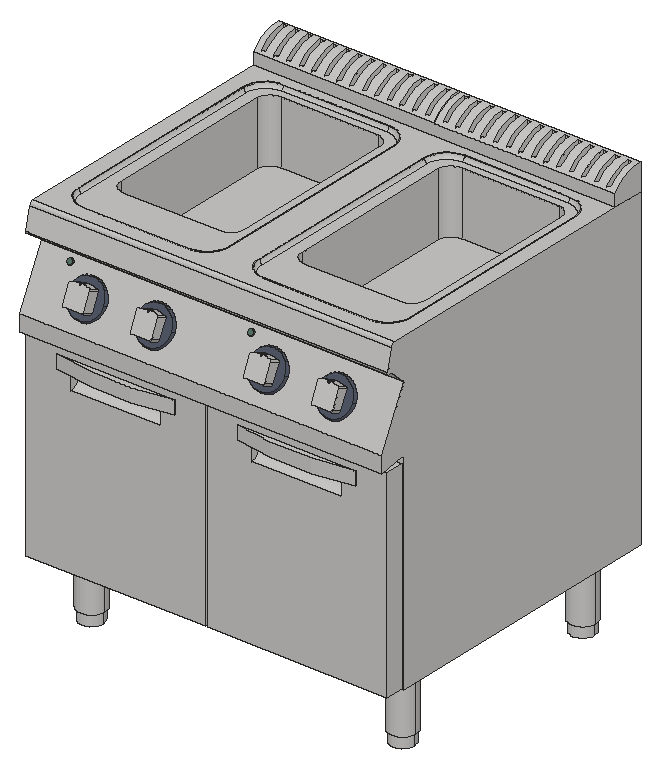
Revit family "QF_ZANUSSI_372353_Z7OOBDBAME", category Specialty Equipment, Revit 2018
Family settings
  Round Connector Dimension = Use Diameter
  Part Type = Normal
  Work Plane-Based = No
  Always vertical = Yes
  Cut with Voids When Loaded = No
  Shared = No
  Room Calculation Point = No
Parameters (values of type "Standard")
  Weight = 50.00 kg
  Watts = 0 W
  Volts = 380 V
  URL Manufacturer = "http://www.zanussiprofessional.com"
  URL = "http://www.zanussiprofessional.com"
  Steam Supply Size = 0"
  Steam Supply Minimum Pressure = 0.00 psi
  Steam Supply Maximum Pressure = 0.00 psi
  Steam Pounds per Hour = 0
  Show Logo [instance] = yes
  Show Clearance [instance] = yes
  Refrigeration Suction Line Size = 0"
  Refrigeration Liquid Line Size = 0"
  Refrigerant Compressor Remote = yes
  Phase = 3
  Model = "Z7OOBDBAME"
  Manufacturer = "Zanussi"
  Length Actual = 800 mm  # constant formula
  Item Number = "372353"
  Hot Water Size = 0"
  Height Actual = 850 mm  # constant formula
  HP = "16.1 HP"
  Gas Size = 0"
  Gas KW = 0
  Gas Input Pressure = 0.0 Btu/h
  Direct Waste Size = 1"
  Description = "2-WELL EL. PASTA COOKER 2X24,5 LT 800MM (AUS)"
  Depth Actual = 700 mm  # constant formula
  Cycle = 60 Hz
  Condensate Return Size = 0"
  Compressed Air Volume = 0 GPM
  Compressed Air Size = 0"
  Compressed Air Pressure = 0.00 psi
  Cold Water Size = 1/2"
  Accessory = yes
Reference planes
  plane 1 "BACK": y = 0
  plane 2: z = 0
  plane 3 "LEFT": x = 0
  plane 4 "RIGHT": x = 800
  plane 5 "FRONT": y = -715
  plane 6 "TOP": z = 908.238
  plane 7 "Center Y": x = 400
  plane 8 "Center X": y = -357.5
  plane 9 "BASE": z = 600.237
  plane 10 "TOP A": z = 850.238
  plane 11: y = -597.884
  plane 12: y = -147.637
  plane 13: z = 942.313
  plane 14: z = 150
Forms (mm)
  Extrusion 1, solid, material "QF_Finishes_Stainless Steel"
    sketch origin (0, 0, 0) x (0, 1, 0) y (0, 0, 1)
      loop
        line (0, 850.238) -> (-679.358, 850.238)
        arc (-679.358, 850.238) -> (-684.643, 848.048) -> (-686.833, 842.763) r 7.474
        line (-686.833, 842.763) -> (-699.884, 797.248)
        arc (-699.884, 797.248) -> (-699.396, 794.616) -> (-697, 793.421) r 3
        line (-697, 793.421) -> (-686.802, 793.421) -> (-654.982, 761.602) -> (-715, 640.746) -> (-715, 605.746) -> (-658.645, 613.666)
        arc (-658.645, 613.666) -> (-656.101, 612.912) -> (-655, 610.497) r 3.2
        line (-655, 610.497) -> (-655, 150.238) -> (0, 150.238) -> (0, 850.238)
      loop
        line (-700, 600.238) -> (-700, 155.238) -> (-660, 155.238) -> (-660, 600.238) -> (-700, 600.238)
    from 0 to 800
  Extrusion 2, solid, material "QF_Finishes_Stainless Steel"
    sketch origin (0, 0, 0) x (0, 1, 0) y (0, 0, 1)
      loop
        line (0, 850.237) -> (0, 908.237)
        arc (0, 908.237) -> (-38.715, 900.058) -> (-69.85, 875.637) r 87.358
        line (-69.85, 875.637) -> (-69.85, 850.237) -> (0, 850.237)
    from 0 to 800
  Extrusion 3, void
    sketch origin (0, 0, 850.238) x (-1, 0, 0) y (0, -1, 0)
      loop
        arc (-316.662, 645.265) -> (-352.018, 630.62) -> (-366.662, 595.265) r 50
        line (-366.662, 595.265) -> (-366.662, 140.124)
        arc (-366.662, 140.124) -> (-352.018, 104.769) -> (-316.662, 90.124) r 50
        line (-316.662, 90.124) -> (-83.338, 90.124)
        arc (-83.338, 90.124) -> (-47.982, 104.769) -> (-33.338, 140.124) r 50
        line (-33.338, 140.124) -> (-33.338, 595.265)
        arc (-33.338, 595.265) -> (-47.982, 630.62) -> (-83.338, 645.265) r 50
        line (-83.338, 645.265) -> (-316.662, 645.265)
      loop
        line (-483.337, 645.265) -> (-716.662, 645.265)
        arc (-716.662, 645.265) -> (-752.018, 630.62) -> (-766.662, 595.265) r 50
        line (-766.662, 595.265) -> (-766.662, 140.124)
        arc (-766.662, 140.124) -> (-752.018, 104.769) -> (-716.662, 90.124) r 50
        line (-716.662, 90.124) -> (-483.337, 90.124)
        arc (-483.337, 90.124) -> (-447.982, 104.769) -> (-433.337, 140.124) r 50
        line (-433.337, 140.124) -> (-433.337, 595.265)
        arc (-433.337, 595.265) -> (-447.982, 630.62) -> (-483.337, 645.265) r 50
    from 0 to -152.4
  Extrusion 4, void
    sketch origin (0, 0, 850.238) x (-1, 0, 0) y (0, -1, 0)
      loop
        line (-13.453, 6.761) -> (-13.453, 63.911) -> (-22.749, 63.911) -> (-22.749, 6.761) -> (-13.453, 6.761)
    from 25.4 to 63.5
  Extrusion 5, solid, material "QF_Finishes_Clearance", visible <- "Show Clearance", detail levels coarse
    sketch origin (0, 0, 0) x (1, 0, 0) y (0, 1, 0)
      loop
        line (0, -715) -> (0, 0) -> (800, 0) -> (800, -715) -> (950.019, -715) -> (950.019, 150.019) -> (-150.019, 150.019) -> (-150.019, -715) -> (0, -715)
    from 0 to 908.237
  Extrusion 6, void
    sketch origin (361.95, 0, 850.237) x (-1, 0, 0) y (0, -1, 0)
      loop
        line (-13.403, 6.761) -> (-13.403, 63.911) -> (-22.699, 63.911) -> (-22.699, 6.761) -> (-13.403, 6.761)
    from 25.4 to 63.5
  Extrusion 7, void
    sketch origin (27.842, 0, 850.238) x (-1, 0, 0) y (0, -1, 0)
      loop
        line (-13.453, 6.761) -> (-13.453, 63.911) -> (-22.749, 63.911) -> (-22.749, 6.761) -> (-13.453, 6.761)
    from 25.4 to 63.5
  Extrusion 8, void
    sketch origin (55.685, 0, 850.238) x (-1, 0, 0) y (0, -1, 0)
      loop
        line (-13.453, 6.761) -> (-13.453, 63.911) -> (-22.749, 63.911) -> (-22.749, 6.761) -> (-13.453, 6.761)
    from 25.4 to 63.5
  Extrusion 9, void
    sketch origin (83.527, 0, 850.238) x (-1, 0, 0) y (0, -1, 0)
      loop
        line (-13.453, 6.761) -> (-13.453, 63.911) -> (-22.749, 63.911) -> (-22.749, 6.761) -> (-13.453, 6.761)
    from 25.4 to 63.5
  Extrusion 10, void
    sketch origin (111.369, 0, 850.237) x (-1, 0, 0) y (0, -1, 0)
      loop
        line (-13.453, 6.761) -> (-13.453, 63.911) -> (-22.749, 63.911) -> (-22.749, 6.761) -> (-13.453, 6.761)
    from 25.4 to 63.5
  Extrusion 11, void
    sketch origin (139.212, 0, 850.237) x (-1, 0, 0) y (0, -1, 0)
      loop
        line (-13.453, 6.761) -> (-13.453, 63.911) -> (-22.749, 63.911) -> (-22.749, 6.761) -> (-13.453, 6.761)
    from 25.4 to 63.5
  Extrusion 12, void
    sketch origin (167.054, 0, 850.237) x (-1, 0, 0) y (0, -1, 0)
      loop
        line (-13.453, 6.761) -> (-13.453, 63.911) -> (-22.749, 63.911) -> (-22.749, 6.761) -> (-13.453, 6.761)
    from 25.4 to 63.5
  Extrusion 13, void
    sketch origin (194.896, 0, 850.237) x (-1, 0, 0) y (0, -1, 0)
      loop
        line (-13.403, 6.761) -> (-13.403, 63.911) -> (-22.699, 63.911) -> (-22.699, 6.761) -> (-13.403, 6.761)
    from 25.4 to 63.5
  Extrusion 14, void
    sketch origin (222.738, 0, 850.237) x (-1, 0, 0) y (0, -1, 0)
      loop
        line (-13.403, 6.761) -> (-13.403, 63.911) -> (-22.699, 63.911) -> (-22.699, 6.761) -> (-13.403, 6.761)
    from 25.4 to 63.5
  Extrusion 15, void
    sketch origin (250.581, 0, 850.237) x (-1, 0, 0) y (0, -1, 0)
      loop
        line (-13.403, 6.761) -> (-13.403, 63.911) -> (-22.699, 63.911) -> (-22.699, 6.761) -> (-13.403, 6.761)
    from 25.4 to 63.5
  Extrusion 16, void
    sketch origin (278.423, 0, 850.237) x (-1, 0, 0) y (0, -1, 0)
      loop
        line (-13.403, 6.761) -> (-13.403, 63.911) -> (-22.699, 63.911) -> (-22.699, 6.761) -> (-13.403, 6.761)
    from 25.4 to 63.5
  Extrusion 17, void
    sketch origin (306.265, 0, 850.237) x (-1, 0, 0) y (0, -1, 0)
      loop
        line (-13.403, 6.761) -> (-13.403, 63.911) -> (-22.699, 63.911) -> (-22.699, 6.761) -> (-13.403, 6.761)
    from 25.4 to 63.5
  Extrusion 18, void
    sketch origin (334.108, 0, 850.237) x (-1, 0, 0) y (0, -1, 0)
      loop
        line (-13.403, 6.761) -> (-13.403, 63.911) -> (-22.699, 63.911) -> (-22.699, 6.761) -> (-13.403, 6.761)
    from 25.4 to 63.5
  Extrusion 19, void
    sketch origin (800.1, 0, 850.237) x (1, 0, 0) y (0, 1, 0)
      loop
        line (-13.553, -6.761) -> (-22.849, -6.761) -> (-22.849, -63.911) -> (-13.553, -63.911) -> (-13.553, -6.761)
    from 25.4 to 63.5
  Extrusion 20, void
    sketch origin (438.15, 0, 850.237) x (1, 0, 0) y (0, 1, 0)
      loop
        line (-13.503, -6.761) -> (-22.799, -6.761) -> (-22.799, -63.911) -> (-13.503, -63.911) -> (-13.503, -6.761)
    from 25.4 to 63.5
  Extrusion 21, void
    sketch origin (772.258, 0, 850.237) x (1, 0, 0) y (0, 1, 0)
      loop
        line (-13.553, -6.761) -> (-22.849, -6.761) -> (-22.849, -63.911) -> (-13.553, -63.911) -> (-13.553, -6.761)
    from 25.4 to 63.5
  Extrusion 22, void
    sketch origin (744.415, 0, 850.237) x (1, 0, 0) y (0, 1, 0)
      loop
        line (-13.553, -6.761) -> (-22.849, -6.761) -> (-22.849, -63.911) -> (-13.553, -63.911) -> (-13.553, -6.761)
    from 25.4 to 63.5
  Extrusion 23, void
    sketch origin (716.573, 0, 850.237) x (1, 0, 0) y (0, 1, 0)
      loop
        line (-13.553, -6.761) -> (-22.849, -6.761) -> (-22.849, -63.911) -> (-13.553, -63.911) -> (-13.553, -6.761)
    from 25.4 to 63.5
  Extrusion 24, void
    sketch origin (688.731, 0, 850.237) x (1, 0, 0) y (0, 1, 0)
      loop
        line (-13.553, -6.761) -> (-22.849, -6.761) -> (-22.849, -63.911) -> (-13.553, -63.911) -> (-13.553, -6.761)
    from 25.4 to 63.5
  Extrusion 25, void
    sketch origin (660.888, 0, 850.237) x (1, 0, 0) y (0, 1, 0)
      loop
        line (-13.553, -6.761) -> (-22.849, -6.761) -> (-22.849, -63.911) -> (-13.553, -63.911) -> (-13.553, -6.761)
    from 25.4 to 63.5
  Extrusion 26, void
    sketch origin (633.046, 0, 850.237) x (1, 0, 0) y (0, 1, 0)
      loop
        line (-13.553, -6.761) -> (-22.849, -6.761) -> (-22.849, -63.911) -> (-13.553, -63.911) -> (-13.553, -6.761)
    from 25.4 to 63.5
  Extrusion 27, void
    sketch origin (605.204, 0, 850.237) x (1, 0, 0) y (0, 1, 0)
      loop
        line (-13.503, -6.761) -> (-22.799, -6.761) -> (-22.799, -63.911) -> (-13.503, -63.911) -> (-13.503, -6.761)
    from 25.4 to 63.5
  Extrusion 28, void
    sketch origin (577.362, 0, 850.237) x (1, 0, 0) y (0, 1, 0)
      loop
        line (-13.503, -6.761) -> (-22.799, -6.761) -> (-22.799, -63.911) -> (-13.503, -63.911) -> (-13.503, -6.761)
    from 25.4 to 63.5
  Extrusion 29, void
    sketch origin (549.519, 0, 850.237) x (1, 0, 0) y (0, 1, 0)
      loop
        line (-13.503, -6.761) -> (-22.799, -6.761) -> (-22.799, -63.911) -> (-13.503, -63.911) -> (-13.503, -6.761)
    from 25.4 to 63.5
  Extrusion 30, void
    sketch origin (521.677, 0, 850.237) x (1, 0, 0) y (0, 1, 0)
      loop
        line (-13.503, -6.761) -> (-22.799, -6.761) -> (-22.799, -63.911) -> (-13.503, -63.911) -> (-13.503, -6.761)
    from 25.4 to 63.5
  Extrusion 31, void
    sketch origin (493.835, 0, 850.237) x (1, 0, 0) y (0, 1, 0)
      loop
        line (-13.503, -6.761) -> (-22.799, -6.761) -> (-22.799, -63.911) -> (-13.503, -63.911) -> (-13.503, -6.761)
    from 25.4 to 63.5
  Extrusion 32, void
    sketch origin (465.992, 0, 850.237) x (1, 0, 0) y (0, 1, 0)
      loop
        line (-13.503, -6.761) -> (-22.799, -6.761) -> (-22.799, -63.911) -> (-13.503, -63.911) -> (-13.503, -6.761)
    from 25.4 to 63.5
  Extrusion 33, void
    sketch origin (418.151, 0, 850.237) x (1, 0, 0) y (0, 1, 0)
      loop
        line (-16.563, 0) -> (-19.738, 0) -> (-19.738, -69.85) -> (-16.563, -69.85) -> (-16.563, 0)
    from 25.4 to 63.5
  Revolve 34, solid, material "QF_Finishes_Stainless Steel"
    sketch origin (0, -587.387, 608.09) x (0, 0, 1) y (-1, 0, 0)
      loop
        line (-608.09, -56) -> (-458.09, -56) -> (-458.09, -26) -> (-583.09, -26) -> (-583.09, -29.75) -> (-608.09, -29.75) -> (-608.09, -56)
      axis (-608.09, -56) -> (-458.09, -56)
    angle from 0 to 360
  Revolve 35, solid, material "QF_Finishes_Stainless Steel"
    sketch origin (0, -90, 608.09) x (0, 0, 1) y (-1, 0, 0)
      loop
        line (-608.09, -56) -> (-458.09, -56) -> (-458.09, -26) -> (-583.09, -26) -> (-583.09, -29.75) -> (-608.09, -29.75) -> (-608.09, -56)
      axis (-608.09, -56) -> (-458.09, -56)
    angle from 0 to 360
  Revolve 36, solid, material "QF_Finishes_Stainless Steel"
    sketch origin (800.1, -587.387, 608.09) x (0, 0, 1) y (-1, 0, 0)
      loop
        line (-608.09, 56.1) -> (-608.09, 29.85) -> (-583.09, 29.85) -> (-583.09, 26.1) -> (-458.09, 26.1) -> (-458.09, 56.1) -> (-608.09, 56.1)
      axis (-608.09, 56.1) -> (-458.09, 56.1)
    angle from 0 to 360
  Revolve 37, solid, material "QF_Finishes_Stainless Steel"
    sketch origin (800.1, -90, 608.09) x (0, 0, 1) y (-1, 0, 0)
      loop
        line (-608.09, 56.1) -> (-608.09, 29.85) -> (-583.09, 29.85) -> (-583.09, 26.1) -> (-458.09, 26.1) -> (-458.09, 56.1) -> (-608.09, 56.1)
      axis (-608.09, 56.1) -> (-458.09, 56.1)
    angle from 0 to 360
  Extrusion 38, solid, material "QF_Finishes_Stainless Steel"
    sketch origin (-77.88, -4572, 150) x (-1, 0, 0) y (0, -1, 0)
      loop
        circle (-676.88, -4201) r 12.7
      loop
        circle (-709.88, -3991) r 12.7
      loop
        circle (-812.88, -4071) r 6.35
    from 0 to -12.7
  Extrusion 39, solid, material "QF_Finishes_Stainless Steel"
    sketch origin (-77.88, -4572, 850.238) x (-1, 0, 0) y (0, -1, 0)
      loop
        line (-111.217, -4431.876) -> (-111.217, -3976.735)
        arc (-111.217, -3976.735) -> (-125.862, -3941.38) -> (-161.217, -3926.735) r 50
        line (-161.217, -3926.735) -> (-394.542, -3926.735)
        arc (-394.542, -3926.735) -> (-429.897, -3941.38) -> (-444.542, -3976.735) r 50
        line (-444.542, -3976.735) -> (-444.542, -4431.876)
        arc (-444.542, -4431.876) -> (-429.897, -4467.231) -> (-394.542, -4481.876) r 50
        line (-394.542, -4481.876) -> (-161.217, -4481.876)
        arc (-161.217, -4481.876) -> (-125.862, -4467.231) -> (-111.217, -4431.876) r 50
      loop
        arc (-414.542, -4431.876) -> (-405.755, -4453.089) -> (-384.542, -4461.876) r 30
        line (-384.542, -4461.876) -> (-171.217, -4461.876)
        arc (-171.217, -4461.876) -> (-150.004, -4453.089) -> (-141.217, -4431.876) r 30
        line (-141.217, -4431.876) -> (-141.217, -4056.735)
        arc (-141.217, -4056.735) -> (-150.004, -4035.522) -> (-171.217, -4026.735) r 30
        line (-171.217, -4026.735) -> (-384.542, -4026.735)
        arc (-384.542, -4026.735) -> (-405.755, -4035.522) -> (-414.542, -4056.735) r 30
        line (-414.542, -4056.735) -> (-414.542, -4431.876)
      loop
        arc (-844.542, -4431.876) -> (-829.897, -4467.231) -> (-794.542, -4481.876) r 50
        line (-794.542, -4481.876) -> (-561.217, -4481.876)
        arc (-561.217, -4481.876) -> (-525.862, -4467.231) -> (-511.217, -4431.876) r 50
        line (-511.217, -4431.876) -> (-511.217, -3976.735)
        arc (-511.217, -3976.735) -> (-525.862, -3941.38) -> (-561.217, -3926.735) r 50
        line (-561.217, -3926.735) -> (-794.542, -3926.735)
        arc (-794.542, -3926.735) -> (-829.897, -3941.38) -> (-844.542, -3976.735) r 50
        line (-844.542, -3976.735) -> (-844.542, -4431.876)
      loop
        line (-541.217, -4431.876) -> (-541.217, -4056.735)
        arc (-541.217, -4056.735) -> (-550.004, -4035.522) -> (-571.217, -4026.735) r 30
        line (-571.217, -4026.735) -> (-784.542, -4026.735)
        arc (-784.542, -4026.735) -> (-805.755, -4035.522) -> (-814.542, -4056.735) r 30
        line (-814.542, -4056.735) -> (-814.542, -4431.876)
        arc (-814.542, -4431.876) -> (-805.755, -4453.089) -> (-784.542, -4461.876) r 30
        line (-784.542, -4461.876) -> (-571.217, -4461.876)
        arc (-571.217, -4461.876) -> (-550.004, -4453.089) -> (-541.217, -4431.876) r 30
    from -12.7 to -152.4
  Sweep 40, solid, material "QF_Finishes_Stainless Steel"
    path origin (-77.88, -4572, 850.238) x (-1, 0, 0) y (0, -1, 0)
      loop
        line (-111.217, -4431.876) -> (-111.217, -3976.735)
        arc (-111.217, -3976.735) -> (-125.862, -3941.38) -> (-161.217, -3926.735) r 50
        line (-161.217, -3926.735) -> (-394.542, -3926.735)
        arc (-394.542, -3926.735) -> (-429.897, -3941.38) -> (-444.542, -3976.735) r 50
        line (-444.542, -3976.735) -> (-444.542, -4431.876)
        arc (-444.542, -4431.876) -> (-429.897, -4467.231) -> (-394.542, -4481.876) r 50
        line (-394.542, -4481.876) -> (-161.217, -4481.876)
        arc (-161.217, -4481.876) -> (-125.862, -4467.231) -> (-111.217, -4431.876) r 50
    profile origin (33.338, -367.694, 850.238) x (1, 0, 0) y (0, 0, 1)
      loop
        line (0, 0) -> (0, -10.84) -> (5.055, -10.84)
        arc (5.055, -10.84) -> (1.326, -5.98) -> (0, 0) r 14.151
  Sweep 41, solid, material "QF_Finishes_Stainless Steel"
    path origin (877.98, -4572, 850.237) x (1, 0, 0) y (0, 1, 0)
      loop
        arc (-111.317, 4431.876) -> (-125.962, 4467.231) -> (-161.317, 4481.876) r 50
        line (-161.317, 4481.876) -> (-394.642, 4481.876)
        arc (-394.642, 4481.876) -> (-429.997, 4467.231) -> (-444.642, 4431.876) r 50
        line (-444.642, 4431.876) -> (-444.642, 3976.735)
        arc (-444.642, 3976.735) -> (-429.997, 3941.38) -> (-394.642, 3926.735) r 50
        line (-394.642, 3926.735) -> (-161.317, 3926.735)
        arc (-161.317, 3926.735) -> (-125.962, 3941.38) -> (-111.317, 3976.735) r 50
        line (-111.317, 3976.735) -> (-111.317, 4431.876)
    profile origin (766.662, -367.694, 850.237) x (1, 0, 0) y (0, 0, 1)
      loop
        arc (0, 0) -> (-1.326, -5.98) -> (-5.055, -10.84) r 14.151
        line (-5.055, -10.84) -> (0, -10.84) -> (0, 0)
  Extrusion 42, void
    sketch origin (200, -27.863, 0) x (0, 1, 0) y (0, 0, 1)
      loop
        line (-672.137, 567) -> (-672.137, 517)
        arc (-672.137, 517) -> (-656.47, 524.721) -> (-650.137, 541) r 24.091
        line (-650.137, 541) -> (-650.137, 567) -> (-672.137, 567)
    from -100 to 100
  Extrusion 43, solid, material "QF_Finishes_Stainless Steel"
    sketch origin (-77.88, -4572, 150) x (-1, 0, 0) y (0, -1, 0)
      loop
        arc (-147.606, -3871.085) -> (-277.88, -3857) -> (-408.153, -3871.085) r 609.497
        line (-408.153, -3871.085) -> (-408.153, -3872) -> (-147.606, -3872) -> (-147.606, -3871.085)
    from 400 to 430
  Extrusion 44, void
    sketch origin (600, -27.863, 0) x (0, 1, 0) y (0, 0, 1)
      loop
        line (-672.137, 567) -> (-672.137, 517)
        arc (-672.137, 517) -> (-656.47, 524.721) -> (-650.137, 541) r 24.091
        line (-650.137, 541) -> (-650.137, 567) -> (-672.137, 567)
    from -100 to 100
  Extrusion 45, solid, material "QF_Finishes_Stainless Steel"
    sketch origin (322.12, -4572, 150) x (-1, 0, 0) y (0, -1, 0)
      loop
        arc (-147.606, -3871.085) -> (-277.88, -3857) -> (-408.153, -3871.085) r 609.497
        line (-408.153, -3871.085) -> (-408.153, -3872) -> (-147.606, -3872) -> (-147.606, -3871.085)
    from 400 to 430
  Extrusion 46, solid, material "QF_Finishes_Door Clearance", visible <- "Show Clearance", detail levels coarse
    sketch origin (0, 0, 850) x (-1, 0, 0) y (0, -1, 0)
      loop
        arc (0, 1073) -> (-280.596, 964.46) -> (-397.87, 687.4) r 385.701
        line (-397.87, 687.4) -> (0, 687.4) -> (0, 1073)
      loop
        line (-800, 1073) -> (-800, 687.4) -> (-402.13, 687.4)
        arc (-402.13, 687.4) -> (-519.404, 964.46) -> (-800, 1073) r 385.701
    from -695 to -250
  Extrusion 47, void
    sketch origin (0, -660.4, 150) x (0, 0, 1) y (-1, 0, 0)
      loop
        line (450, -397.87) -> (5, -397.87) -> (5, -402.13) -> (450, -402.13) -> (450, -397.87)
    from 39.6 to -0.4
  Extrusion 48, solid, material "QF_Plastic-Black-Matte"
    sketch origin (217.5, -684.991, 701.174) x (0, 0.444781, 0.895639) y (0, 0.895639, -0.444781)
      loop
        line (26.984, -34) -> (23.984, -34) -> (23.984, -35) -> (26.984, -35)
        arc (26.984, -35) -> (27.691, -34.707) -> (27.984, -34) r 1
        line (27.984, -34) -> (27.984, -19) -> (26.984, -19) -> (26.984, -34)
    from -58.5 to -56.5
  Extrusion 49, solid, material "QF_Finishes_Stainless Steel"
    sketch origin (275, -684.991, 701.174) x (-1, 0, 0) y (0, -0.444781, -0.895639)
      loop
        line (17.5, -17.5) -> (17.5, 17.5) -> (-17.5, 17.5) -> (-17.5, -17.5) -> (17.5, -17.5)
    from 5 to 10
  Extrusion 50, solid, material "QF_Finishes_Stainless Steel"
    sketch origin (275, -684.991, 701.174) x (-1, 0, 0) y (0, -0.444781, -0.895639)
      loop
        arc (-21.147, -22.789) -> (0, -26.984) -> (21.147, -22.789) r 55.4
        arc (21.147, -22.789) -> (22.494, -21.685) -> (23, -20.019) r 2.997
        line (23, -20.019) -> (23, 20.019)
        arc (23, 20.019) -> (22.122, 22.138) -> (20.003, 23.016) r 2.997
        line (20.003, 23.016) -> (-20.003, 23.016)
        arc (-20.003, 23.016) -> (-22.122, 22.138) -> (-23, 20.019) r 2.997
        line (-23, 20.019) -> (-23, -20.019)
        arc (-23, -20.019) -> (-22.494, -21.685) -> (-21.147, -22.789) r 2.997
    from 10 to 34
  Blend 51, solid, material "QF_Finishes_Navy Blue"
    base sketch origin (275, -684.991, 701.174) x (1, 0, 0) y (0, 0.444781, 0.895639)
      loop
        circle (0, 0) r 42.5
    top sketch origin (275, -684.991, 701.174) x (1, 0, 0) y (0, 0.444781, 0.895639)
      loop
        circle (0, 0) r 40.5
    from 0 to 5
  Extrusion 52, solid, material "QF_Finishes_Stainless Steel"
    sketch origin (125, -684.991, 701.174) x (1, 0, 0) y (0, 0.444781, 0.895639)
      loop
        arc (-21.147, 22.789) -> (-22.494, 21.685) -> (-23, 20.019) r 2.997
        line (-23, 20.019) -> (-23, -20.019)
        arc (-23, -20.019) -> (-22.122, -22.138) -> (-20.003, -23.016) r 2.997
        line (-20.003, -23.016) -> (20.003, -23.016)
        arc (20.003, -23.016) -> (22.122, -22.138) -> (23, -20.019) r 2.997
        line (23, -20.019) -> (23, 20.019)
        arc (23, 20.019) -> (22.494, 21.685) -> (21.147, 22.789) r 2.997
        arc (21.147, 22.789) -> (0, 26.984) -> (-21.147, 22.789) r 55.4
    from 10 to 34
  Extrusion 53, solid, material "QF_Plastic-Black-Matte"
    sketch origin (205, -684.991, 701.174) x (0, 0.444781, 0.895639) y (0, -0.895639, 0.444781)
      loop
        line (26.984, 34) -> (26.984, 19) -> (27.984, 19) -> (27.984, 34)
        arc (27.984, 34) -> (27.691, 34.707) -> (26.984, 35) r 1
        line (26.984, 35) -> (23.984, 35) -> (23.984, 34) -> (26.984, 34)
    from -81 to -79
  Extrusion 54, solid, material "QF_Finishes_DarkGreen"
    sketch origin (125, -662.752, 745.956) x (1, 0, 0) y (0, 0.444781, 0.895639)
      loop
        circle (-55.001, 0) r 6
    from 0 to 1.6
  Extrusion 55, solid, material "QF_Finishes_Stainless Steel"
    sketch origin (125, -684.991, 701.174) x (1, 0, 0) y (0, 0.444781, 0.895639)
      loop
        line (17.5, 17.5) -> (-17.5, 17.5) -> (-17.5, -17.5) -> (17.5, -17.5) -> (17.5, 17.5)
    from 5 to 10
  Blend 56, solid, material "QF_Finishes_Navy Blue"
    base sketch origin (125, -684.991, 701.174) x (1, 0, 0) y (0, 0.444781, 0.895639)
      loop
        circle (0, 0) r 42.5
    top sketch origin (125, -684.991, 701.174) x (1, 0, 0) y (0, 0.444781, 0.895639)
      loop
        circle (0, 0) r 40.5
    from 0 to 5
  Extrusion 57, solid, material "QF_Plastic-Black-Matte"
    sketch origin (617.5, -684.991, 701.174) x (0, 0.444781, 0.895639) y (0, 0.895639, -0.444781)
      loop
        line (26.984, -34) -> (23.984, -34) -> (23.984, -35) -> (26.984, -35)
        arc (26.984, -35) -> (27.691, -34.707) -> (27.984, -34) r 1
        line (27.984, -34) -> (27.984, -19) -> (26.984, -19) -> (26.984, -34)
    from -58.5 to -56.5
  Extrusion 58, solid, material "QF_Finishes_Stainless Steel"
    sketch origin (675, -684.991, 701.174) x (-1, 0, 0) y (0, -0.444781, -0.895639)
      loop
        line (17.5, -17.5) -> (17.5, 17.5) -> (-17.5, 17.5) -> (-17.5, -17.5) -> (17.5, -17.5)
    from 5 to 10
  Extrusion 59, solid, material "QF_Finishes_Stainless Steel"
    sketch origin (675, -684.991, 701.174) x (-1, 0, 0) y (0, -0.444781, -0.895639)
      loop
        arc (-21.147, -22.789) -> (0, -26.984) -> (21.147, -22.789) r 55.4
        arc (21.147, -22.789) -> (22.494, -21.685) -> (23, -20.019) r 2.997
        line (23, -20.019) -> (23, 20.019)
        arc (23, 20.019) -> (22.122, 22.138) -> (20.003, 23.016) r 2.997
        line (20.003, 23.016) -> (-20.003, 23.016)
        arc (-20.003, 23.016) -> (-22.122, 22.138) -> (-23, 20.019) r 2.997
        line (-23, 20.019) -> (-23, -20.019)
        arc (-23, -20.019) -> (-22.494, -21.685) -> (-21.147, -22.789) r 2.997
    from 10 to 34
  Blend 60, solid, material "QF_Finishes_Navy Blue"
    base sketch origin (675, -684.991, 701.174) x (1, 0, 0) y (0, 0.444781, 0.895639)
      loop
        circle (0, 0) r 42.5
    top sketch origin (675, -684.991, 701.174) x (1, 0, 0) y (0, 0.444781, 0.895639)
      loop
        circle (0, 0) r 40.5
    from 0 to 5
  Extrusion 61, solid, material "QF_Finishes_Stainless Steel"
    sketch origin (525, -684.991, 701.174) x (1, 0, 0) y (0, 0.444781, 0.895639)
      loop
        arc (-21.147, 22.789) -> (-22.494, 21.685) -> (-23, 20.019) r 2.997
        line (-23, 20.019) -> (-23, -20.019)
        arc (-23, -20.019) -> (-22.122, -22.138) -> (-20.003, -23.016) r 2.997
        line (-20.003, -23.016) -> (20.003, -23.016)
        arc (20.003, -23.016) -> (22.122, -22.138) -> (23, -20.019) r 2.997
        line (23, -20.019) -> (23, 20.019)
        arc (23, 20.019) -> (22.494, 21.685) -> (21.147, 22.789) r 2.997
        arc (21.147, 22.789) -> (0, 26.984) -> (-21.147, 22.789) r 55.4
    from 10 to 34
  Extrusion 62, solid, material "QF_Plastic-Black-Matte"
    sketch origin (605, -684.991, 701.174) x (0, 0.444781, 0.895639) y (0, -0.895639, 0.444781)
      loop
        line (26.984, 34) -> (26.984, 19) -> (27.984, 19) -> (27.984, 34)
        arc (27.984, 34) -> (27.691, 34.707) -> (26.984, 35) r 1
        line (26.984, 35) -> (23.984, 35) -> (23.984, 34) -> (26.984, 34)
    from -81 to -79
  Extrusion 63, solid, material "QF_Finishes_DarkGreen"
    sketch origin (525, -662.752, 745.956) x (1, 0, 0) y (0, 0.444781, 0.895639)
      loop
        circle (-55.001, 0) r 6
    from 0 to 1.6
  Extrusion 64, solid, material "QF_Finishes_Stainless Steel"
    sketch origin (525, -684.991, 701.174) x (1, 0, 0) y (0, 0.444781, 0.895639)
      loop
        line (17.5, 17.5) -> (-17.5, 17.5) -> (-17.5, -17.5) -> (17.5, -17.5) -> (17.5, 17.5)
    from 5 to 10
  Blend 65, solid, material "QF_Finishes_Navy Blue"
    base sketch origin (525, -684.991, 701.174) x (1, 0, 0) y (0, 0.444781, 0.895639)
      loop
        circle (0, 0) r 42.5
    top sketch origin (525, -684.991, 701.174) x (1, 0, 0) y (0, 0.444781, 0.895639)
      loop
        circle (0, 0) r 40.5
    from 0 to 5
Cuts and joins
  Extrusion 3, Extrusion 4, Extrusion 42, Extrusion 44, Extrusion 47 cuts Extrusion 1
  Extrusion 4, Extrusion 6, Extrusion 7, Extrusion 8, Extrusion 9, Extrusion 10, Extrusion 11, Extrusion 12, Extrusion 13, Extrusion 14, Extrusion 15, Extrusion 16, Extrusion 17, Extrusion 18, Extrusion 19, Extrusion 20, Extrusion 21, Extrusion 22, Extrusion 23, Extrusion 24, Extrusion 25, Extrusion 26, Extrusion 27, Extrusion 28, Extrusion 29, Extrusion 30, Extrusion 31, Extrusion 32, Extrusion 33 cuts Extrusion 2
  Extrusion 6, Extrusion 7, Extrusion 8, Extrusion 9, Extrusion 10, Extrusion 11, Extrusion 12, Extrusion 13, Extrusion 14, Extrusion 15, Extrusion 16, Extrusion 17, Extrusion 18, Extrusion 19, Extrusion 20, Extrusion 21, Extrusion 22, Extrusion 23, Extrusion 24, Extrusion 25, Extrusion 26, Extrusion 27, Extrusion 28, Extrusion 29, Extrusion 30, Extrusion 31, Extrusion 32, Extrusion 33 cuts Extrusion 5
  Extrusion 47 cuts Extrusion 46
Lines and regions (mm)
  Split face 1
    outline origin (275, -689.469, 703.397) x (1, 0, 0) y (0, 0.444781, 0.895639)
      loop
        arc (-0.521, 36.501) -> (-26.491, 26.394) -> (-37.708, 0.884) r 36.411
        line (-37.708, 0.884) -> (-31.708, 0.884)
        arc (-31.708, 0.884) -> (-21.998, 23.844) -> (-0.521, 36.501) r 39.733
  Split face 2
    outline origin (125, -689.469, 703.397) x (0, -0.444781, -0.895639) y (1, 0, 0)
      loop
        circle (-34, 0) r 1.5
  Split face 3
    outline origin (125, -689.469, 703.397) x (1, 0, 0) y (0, 0.444781, 0.895639)
      loop
        circle (-32.336, 10.507) r 1.5
  Split face 4
    outline origin (125, -689.469, 703.397) x (1, 0, 0) y (0, 0.444781, 0.895639)
      loop
        circle (-19.985, -27.507) r 1.5
  Split face 5
    outline origin (125, -689.469, 703.397) x (1, 0, 0) y (0, 0.444781, 0.895639)
      loop
        circle (19.985, -27.507) r 1.5
  Split face 6
    outline origin (125, -689.469, 703.397) x (1, 0, 0) y (0, 0.444781, 0.895639)
      loop
        circle (32.336, 10.507) r 1.5
  Split face 7
    outline origin (675, -689.469, 703.397) x (1, 0, 0) y (0, 0.444781, 0.895639)
      loop
        arc (-0.521, 36.501) -> (-26.491, 26.394) -> (-37.708, 0.884) r 36.411
        line (-37.708, 0.884) -> (-31.708, 0.884)
        arc (-31.708, 0.884) -> (-21.998, 23.844) -> (-0.521, 36.501) r 39.733
  Split face 8
    outline origin (525, -689.469, 703.397) x (0, -0.444781, -0.895639) y (1, 0, 0)
      loop
        circle (-34, 0) r 1.5
  Split face 9
    outline origin (525, -689.469, 703.397) x (1, 0, 0) y (0, 0.444781, 0.895639)
      loop
        circle (-32.336, 10.507) r 1.5
  Split face 10
    outline origin (525, -689.469, 703.397) x (1, 0, 0) y (0, 0.444781, 0.895639)
      loop
        circle (-19.985, -27.507) r 1.5
  Split face 11
    outline origin (525, -689.469, 703.397) x (1, 0, 0) y (0, 0.444781, 0.895639)
      loop
        circle (19.985, -27.507) r 1.5
  Split face 12
    outline origin (525, -689.469, 703.397) x (1, 0, 0) y (0, 0.444781, 0.895639)
      loop
        circle (32.336, 10.507) r 1.5
  symbolic lines, style "QF-Clearances", visible <- "Show Clearance", detail levels coarse
    curve 1: line (-150.019, 150.019, 850.238) -> (-150.019, -716.377, 850.238)
    curve 2: line (950.019, 150.019, 850.237) -> (-150.019, 150.019, 850.238)
    curve 3: line (950.019, -716.377, 850.237) -> (950.019, 150.019, 850.237)
  symbolic lines
    curve 4: line (0, 0, 850.238) -> (800, 0, 850.237)
    curve 5: line (0, -715, 850.238) -> (0, 0, 850.238)
    curve 6: line (800, 0, 850.237) -> (800, -715, 850.237)
    curve 7: line (22.699, -6.761, 850.238) -> (22.699, -63.911, 850.238)
    curve 8: line (13.403, -63.911, 850.238) -> (13.403, -6.761, 850.238)
    curve 9: line (13.403, -6.761, 850.238) -> (22.699, -6.761, 850.238)
    curve 10: line (0, -69.85, 850.238) -> (398.413, -69.85, 850.237)
    curve 11: line (384.649, -6.761, 850.237) -> (384.649, -63.911, 850.237)
    curve 12: line (375.353, -63.911, 850.237) -> (375.353, -6.761, 850.237)
    curve 13: line (375.353, -6.761, 850.237) -> (384.649, -6.761, 850.237)
    curve 14: line (50.541, -6.761, 850.238) -> (50.541, -63.911, 850.238)
    curve 15: line (41.245, -63.911, 850.238) -> (41.245, -6.761, 850.238)
    curve 16: line (41.245, -6.761, 850.238) -> (50.541, -6.761, 850.238)
    curve 17: line (78.383, -6.761, 850.238) -> (78.383, -63.911, 850.238)
    curve 18: line (69.087, -63.911, 850.238) -> (69.087, -6.761, 850.238)
    curve 19: line (69.087, -6.761, 850.238) -> (78.383, -6.761, 850.238)
    curve 20: line (106.225, -6.761, 850.237) -> (106.225, -63.911, 850.237)
    curve 21: line (96.93, -63.911, 850.238) -> (96.93, -6.761, 850.238)
    curve 22: line (96.93, -6.761, 850.238) -> (106.225, -6.761, 850.237)
    curve 23: line (134.068, -6.761, 850.237) -> (134.068, -63.911, 850.237)
    curve 24: line (124.772, -63.911, 850.237) -> (124.772, -6.761, 850.237)
    curve 25: line (124.772, -6.761, 850.237) -> (134.068, -6.761, 850.237)
    curve 26: line (161.91, -6.761, 850.237) -> (161.91, -63.911, 850.237)
    curve 27: line (152.614, -63.911, 850.237) -> (152.614, -6.761, 850.237)
    curve 28: line (152.614, -6.761, 850.237) -> (161.91, -6.761, 850.237)
    curve 29: line (189.752, -6.761, 850.237) -> (189.752, -63.911, 850.237)
    curve 30: line (180.457, -63.911, 850.237) -> (180.457, -6.761, 850.237)
    curve 31: line (180.457, -6.761, 850.237) -> (189.752, -6.761, 850.237)
    curve 32: line (217.595, -6.761, 850.237) -> (217.595, -63.911, 850.237)
    curve 33: line (208.299, -63.911, 850.237) -> (208.299, -6.761, 850.237)
    curve 34: line (208.299, -6.761, 850.237) -> (217.595, -6.761, 850.237)
    curve 35: line (245.437, -6.761, 850.237) -> (245.437, -63.911, 850.237)
    curve 36: line (236.141, -63.911, 850.237) -> (236.141, -6.761, 850.237)
    curve 37: line (236.141, -6.761, 850.237) -> (245.437, -6.761, 850.237)
    curve 38: line (273.279, -6.761, 850.237) -> (273.279, -63.911, 850.237)
    curve 39: line (263.984, -63.911, 850.237) -> (263.984, -6.761, 850.237)
    curve 40: line (263.984, -6.761, 850.237) -> (273.279, -6.761, 850.237)
    curve 41: line (301.122, -6.761, 850.237) -> (301.122, -63.911, 850.237)
    curve 42: line (291.826, -63.911, 850.237) -> (291.826, -6.761, 850.237)
    curve 43: line (291.826, -6.761, 850.237) -> (301.122, -6.761, 850.237)
    curve 44: line (328.964, -6.761, 850.237) -> (328.964, -63.911, 850.237)
    curve 45: line (319.668, -63.911, 850.237) -> (319.668, -6.761, 850.237)
    curve 46: line (319.668, -6.761, 850.237) -> (328.964, -6.761, 850.237)
    curve 47: line (356.806, -6.761, 850.237) -> (356.806, -63.911, 850.237)
    curve 48: line (347.511, -63.911, 850.237) -> (347.511, -6.761, 850.237)
    curve 49: line (347.511, -6.761, 850.237) -> (356.806, -6.761, 850.237)
    curve 50: line (777.251, -6.761, 850.237) -> (777.251, -63.911, 850.237)
    curve 51: line (786.547, -63.911, 850.237) -> (786.547, -6.761, 850.237)
    curve 52: line (786.547, -6.761, 850.237) -> (777.251, -6.761, 850.237)
    curve 53: line (415.301, -6.761, 850.237) -> (415.301, -63.911, 850.237)
    curve 54: line (424.597, -63.911, 850.237) -> (424.597, -6.761, 850.237)
    curve 55: line (424.597, -6.761, 850.237) -> (415.301, -6.761, 850.237)
    curve 56: line (749.409, -6.761, 850.237) -> (749.409, -63.911, 850.237)
    curve 57: line (758.705, -63.911, 850.237) -> (758.705, -6.761, 850.237)
    curve 58: line (758.705, -6.761, 850.237) -> (749.409, -6.761, 850.237)
    curve 59: line (721.567, -6.761, 850.237) -> (721.567, -63.911, 850.237)
    curve 60: line (730.863, -63.911, 850.237) -> (730.863, -6.761, 850.237)
    curve 61: line (730.863, -6.761, 850.237) -> (721.567, -6.761, 850.237)
    curve 62: line (693.725, -6.761, 850.237) -> (693.725, -63.911, 850.237)
    curve 63: line (703.02, -63.911, 850.237) -> (703.02, -6.761, 850.237)
    curve 64: line (703.02, -6.761, 850.237) -> (693.725, -6.761, 850.237)
    curve 65: line (665.882, -6.761, 850.237) -> (665.882, -63.911, 850.237)
    curve 66: line (675.178, -63.911, 850.237) -> (675.178, -6.761, 850.237)
    curve 67: line (675.178, -6.761, 850.237) -> (665.882, -6.761, 850.237)
    curve 68: line (638.04, -6.761, 850.237) -> (638.04, -63.911, 850.237)
    curve 69: line (647.336, -63.911, 850.237) -> (647.336, -6.761, 850.237)
    curve 70: line (647.336, -6.761, 850.237) -> (638.04, -6.761, 850.237)
    curve 71: line (610.198, -6.761, 850.237) -> (610.198, -63.911, 850.237)
    curve 72: line (619.493, -63.911, 850.237) -> (619.493, -6.761, 850.237)
    curve 73: line (619.493, -6.761, 850.237) -> (610.198, -6.761, 850.237)
    curve 74: line (582.355, -6.761, 850.237) -> (582.355, -63.911, 850.237)
    curve 75: line (591.651, -63.911, 850.237) -> (591.651, -6.761, 850.237)
    curve 76: line (591.651, -6.761, 850.237) -> (582.355, -6.761, 850.237)
    curve 77: line (554.513, -6.761, 850.237) -> (554.513, -63.911, 850.237)
    curve 78: line (563.809, -63.911, 850.237) -> (563.809, -6.761, 850.237)
    curve 79: line (563.809, -6.761, 850.237) -> (554.513, -6.761, 850.237)
    curve 80: line (526.671, -6.761, 850.237) -> (526.671, -63.911, 850.237)
    curve 81: line (535.966, -63.911, 850.237) -> (535.966, -6.761, 850.237)
    curve 82: line (535.966, -6.761, 850.237) -> (526.671, -6.761, 850.237)
    curve 83: line (498.828, -6.761, 850.237) -> (498.828, -63.911, 850.237)
    curve 84: line (508.124, -63.911, 850.237) -> (508.124, -6.761, 850.237)
    curve 85: line (508.124, -6.761, 850.237) -> (498.828, -6.761, 850.237)
    curve 86: line (470.986, -6.761, 850.237) -> (470.986, -63.911, 850.237)
    curve 87: line (480.282, -63.911, 850.237) -> (480.282, -6.761, 850.237)
    curve 88: line (480.282, -6.761, 850.237) -> (470.986, -6.761, 850.237)
    curve 89: line (443.144, -6.761, 850.237) -> (443.144, -63.911, 850.237)
    curve 90: line (452.439, -63.911, 850.237) -> (452.439, -6.761, 850.237)
    curve 91: line (452.439, -6.761, 850.237) -> (443.144, -6.761, 850.237)
    curve 92: line (401.588, -69.85, 850.237) -> (401.588, 0, 850.237)
    curve 93: line (398.413, 0, 850.237) -> (398.413, -69.85, 850.237)
    curve 94: line (401.588, -69.85, 850.237) -> (800, -69.85, 850.237)
    curve 99: line (13.453, -63.911, 0) -> (22.749, -63.911, 0)
    curve 100: line (375.403, -63.911, 0) -> (384.699, -63.911, 0)
    curve 101: line (41.295, -63.911, 0) -> (50.591, -63.911, 0)
    curve 102: line (69.137, -63.911, 0) -> (78.433, -63.911, 0)
    curve 103: line (96.98, -63.911, 0) -> (106.275, -63.911, 0)
    curve 104: line (124.822, -63.911, 0) -> (134.118, -63.911, 0)
    curve 105: line (152.664, -63.911, 0) -> (161.96, -63.911, 0)
    curve 106: line (180.507, -63.911, 0) -> (189.802, -63.911, 0)
    curve 107: line (208.349, -63.911, 0) -> (217.645, -63.911, 0)
    curve 108: line (236.191, -63.911, 0) -> (245.487, -63.911, 0)
    curve 109: line (264.034, -63.911, 0) -> (273.329, -63.911, 0)
    curve 110: line (291.876, -63.911, 0) -> (301.172, -63.911, 0)
    curve 111: line (319.718, -63.911, 0) -> (329.014, -63.911, 0)
    curve 112: line (347.561, -63.911, 0) -> (356.856, -63.911, 0)
    curve 113: line (786.597, -63.911, 0) -> (777.301, -63.911, 0)
    curve 114: line (424.647, -63.911, 0) -> (415.351, -63.911, 0)
    curve 115: line (758.755, -63.911, 0) -> (749.459, -63.911, 0)
    curve 116: line (730.913, -63.911, 0) -> (721.617, -63.911, 0)
    curve 117: line (703.07, -63.911, 0) -> (693.775, -63.911, 0)
    curve 118: line (675.228, -63.911, 0) -> (665.932, -63.911, 0)
    curve 119: line (647.386, -63.911, 0) -> (638.09, -63.911, 0)
    curve 120: line (619.543, -63.911, 0) -> (610.248, -63.911, 0)
    curve 121: line (591.701, -63.911, 0) -> (582.405, -63.911, 0)
    curve 122: line (563.859, -63.911, 0) -> (554.563, -63.911, 0)
    curve 123: line (536.016, -63.911, 0) -> (526.721, -63.911, 0)
    curve 124: line (508.174, -63.911, 0) -> (498.878, -63.911, 0)
    curve 125: line (480.332, -63.911, 0) -> (471.036, -63.911, 0)
    curve 126: line (452.489, -63.911, 0) -> (443.194, -63.911, 0)
    curve 127: line (366.662, -595.265, 850.237) -> (366.662, -140.124, 850.237)
    curve 128: arc (366.663, -140.124, 850.237) -> (352.018, -104.769, 850.237) -> (316.663, -90.124, 850.237) r 50
    curve 129: line (316.663, -90.124, 850.237) -> (83.288, -90.124, 850.238)
    curve 130: arc (83.288, -90.124, 850.238) -> (47.968, -104.754, 850.238) -> (33.338, -140.074, 850.238) r 49.95
    curve 131: line (33.338, -140.074, 850.238) -> (33.338, -595.265, 850.238)
    curve 132: arc (33.338, -595.265, 850.238) -> (47.982, -630.62, 850.238) -> (83.338, -645.265, 850.238) r 50
    curve 133: line (83.338, -645.265, 850.238) -> (316.662, -645.265, 850.237)
    curve 134: arc (316.662, -645.265, 850.237) -> (352.018, -630.62, 850.237) -> (366.662, -595.265, 850.237) r 50
    curve 135: line (93.288, -110.124, 850.238) -> (306.663, -110.124, 850.237)
    curve 136: arc (306.663, -110.124, 850.237) -> (327.876, -118.911, 850.237) -> (336.663, -140.124, 850.237) r 30
    curve 137: line (336.663, -140.124, 850.237) -> (336.663, -515.315, 850.237)
    curve 138: arc (336.663, -515.315, 850.237) -> (327.876, -536.528, 850.237) -> (306.663, -545.315, 850.237) r 30
    curve 139: line (306.663, -545.315, 850.237) -> (93.338, -545.315, 850.238)
    curve 140: arc (93.338, -545.315, 850.238) -> (72.089, -536.513, 850.238) -> (63.288, -515.265, 850.238) r 30.05
    curve 141: line (63.288, -515.265, 850.238) -> (63.288, -140.124, 850.238)
    curve 142: arc (63.288, -140.124, 850.238) -> (72.074, -118.911, 850.238) -> (93.288, -110.124, 850.238) r 30
    curve 143: line (316.663, -95.179, 850.237) -> (83.288, -95.179, 850.238)
    curve 144: arc (83.288, -95.179, 850.238) -> (51.542, -108.328, 850.238) -> (38.392, -140.074, 850.238) r 44.895
    curve 145: line (38.392, -140.074, 850.238) -> (38.392, -595.265, 850.238)
    curve 146: arc (38.392, -595.265, 850.238) -> (51.556, -627.046, 850.238) -> (83.338, -640.21, 850.238) r 44.945
    curve 147: line (83.338, -640.21, 850.238) -> (316.662, -640.21, 850.237)
    curve 148: arc (316.662, -640.21, 850.237) -> (348.444, -627.046, 850.237) -> (361.608, -595.265, 850.237) r 44.945
    curve 149: line (361.608, -595.265, 850.237) -> (361.608, -140.124, 850.237)
    curve 150: arc (361.608, -140.124, 850.237) -> (348.444, -108.343, 850.237) -> (316.663, -95.179, 850.237) r 44.945
    curve 151: line (433.338, -595.265, 850.237) -> (433.338, -140.074, 850.237)
    curve 152: arc (433.338, -140.074, 850.237) -> (447.968, -104.754, 850.237) -> (483.288, -90.124, 850.237) r 49.95
    curve 153: line (483.288, -90.124, 850.237) -> (716.662, -90.124, 850.237)
    curve 154: arc (716.662, -90.124, 850.237) -> (752.018, -104.769, 850.237) -> (766.662, -140.124, 850.237) r 50
    curve 155: line (766.662, -140.124, 850.237) -> (766.662, -595.265, 850.237)
    curve 156: arc (766.662, -595.265, 850.237) -> (752.018, -630.62, 850.237) -> (716.662, -645.265, 850.237) r 50
    curve 157: line (716.662, -645.265, 850.237) -> (483.338, -645.265, 850.237)
    curve 158: arc (483.338, -645.265, 850.237) -> (447.982, -630.62, 850.237) -> (433.338, -595.265, 850.237) r 50
    curve 159: line (706.662, -110.124, 850.237) -> (493.288, -110.124, 850.237)
    curve 160: arc (493.288, -110.124, 850.237) -> (472.074, -118.911, 850.237) -> (463.288, -140.124, 850.237) r 30
    curve 161: line (463.288, -140.124, 850.237) -> (463.288, -515.265, 850.237)
    curve 162: arc (463.288, -515.265, 850.237) -> (472.089, -536.513, 850.237) -> (493.338, -545.315, 850.237) r 30.05
    curve 163: line (493.338, -545.315, 850.237) -> (706.662, -545.315, 850.237)
    curve 164: arc (706.662, -545.315, 850.237) -> (727.876, -536.528, 850.237) -> (736.662, -515.315, 850.237) r 30
    curve 165: line (736.662, -515.315, 850.237) -> (736.662, -140.124, 850.237)
    curve 166: arc (736.662, -140.124, 850.237) -> (727.876, -118.911, 850.237) -> (706.662, -110.124, 850.237) r 30
    curve 167: line (483.288, -95.179, 850.237) -> (716.662, -95.179, 850.237)
    curve 168: arc (716.662, -95.179, 850.237) -> (748.444, -108.343, 850.237) -> (761.608, -140.124, 850.237) r 44.945
    curve 169: line (761.608, -140.124, 850.237) -> (761.608, -595.265, 850.237)
    curve 170: arc (761.608, -595.265, 850.237) -> (748.444, -627.046, 850.237) -> (716.662, -640.21, 850.237) r 44.945
    curve 171: line (716.662, -640.21, 850.237) -> (483.338, -640.21, 850.237)
    curve 172: arc (483.338, -640.21, 850.237) -> (451.556, -627.046, 850.237) -> (438.392, -595.265, 850.237) r 44.945
    curve 173: line (438.392, -595.265, 850.237) -> (438.392, -140.074, 850.237)
    curve 174: arc (438.392, -140.074, 850.237) -> (451.542, -108.328, 850.237) -> (483.288, -95.179, 850.237) r 44.895
    curve 175: line (0, -700, 0) -> (800, -700, 0)
    curve 176: line (102, -700, 0) -> (102, -724.347, 0)
    curve 177: arc (102, -724.347, 0) -> (102.146, -724.811, 0) -> (102.532, -725.107, 0) r 0.809
    curve 178: arc (102.532, -725.107, 0) -> (103.72, -725.587, 0) -> (104.997, -725.68, 0) r 4.127
    curve 179: arc (102, -704.292, 0) -> (96.959, -702.458, 0) -> (92.191, -700, 0) r 42.24
    curve 180: arc (102, -706.539, 0) -> (102.502, -705.818, 0) -> (103.299, -705.448, 0) r 1.682
    curve 181: arc (103.299, -705.448, 0) -> (113.602, -703.95, 0) -> (124, -703.441, 0) r 109.079
    curve 182: line (124, -700, 0) -> (124, -705.671, 0)
    curve 183: line (124, -705.671, 0) -> (126, -705.671, 0)
    curve 184: line (126, -705.671, 0) -> (126, -700, 0)
    curve 185: line (148, -700, 0) -> (148, -724.347, 0)
    curve 186: arc (148, -724.347, 0) -> (147.854, -724.811, 0) -> (147.468, -725.107, 0) r 0.809
    curve 187: arc (147.468, -725.107, 0) -> (146.28, -725.587, 0) -> (145.003, -725.68, 0) r 4.127
    curve 188: arc (148, -704.292, 0) -> (153.041, -702.458, 0) -> (157.809, -700, 0) r 42.24
    curve 189: arc (148, -706.539, 0) -> (147.498, -705.818, 0) -> (146.701, -705.448, 0) r 1.682
    curve 190: arc (146.701, -705.448, 0) -> (136.398, -703.95, 0) -> (126, -703.441, 0) r 109.079
    curve 191: line (104.997, -725.68, 0) -> (145.003, -725.68, 0)
    curve 192: line (298, -700, 0) -> (298, -724.347, 0)
    curve 193: arc (298, -724.347, 0) -> (297.854, -724.811, 0) -> (297.468, -725.107, 0) r 0.809
    curve 194: arc (297.468, -725.107, 0) -> (296.28, -725.587, 0) -> (295.003, -725.68, 0) r 4.127
    curve 195: arc (298, -704.292, 0) -> (303.041, -702.458, 0) -> (307.809, -700, 0) r 42.24
    curve 196: arc (298, -706.539, 0) -> (297.498, -705.818, 0) -> (296.701, -705.448, 0) r 1.682
    curve 197: arc (296.701, -705.448, 0) -> (286.398, -703.95, 0) -> (276, -703.441, 0) r 109.079
    curve 198: line (276, -700, 0) -> (276, -705.671, 0)
    curve 199: line (276, -705.671, 0) -> (274, -705.671, 0)
    curve 200: line (274, -705.671, 0) -> (274, -700, 0)
    curve 201: line (252, -700, 0) -> (252, -724.347, 0)
    curve 202: arc (252, -724.347, 0) -> (252.146, -724.811, 0) -> (252.532, -725.107, 0) r 0.809
    curve 203: arc (252.532, -725.107, 0) -> (253.72, -725.587, 0) -> (254.997, -725.68, 0) r 4.127
    curve 204: arc (252, -704.292, 0) -> (246.959, -702.458, 0) -> (242.191, -700, 0) r 42.24
    curve 205: arc (252, -706.539, 0) -> (252.502, -705.818, 0) -> (253.299, -705.448, 0) r 1.682
    curve 206: arc (253.299, -705.448, 0) -> (263.602, -703.95, 0) -> (274, -703.441, 0) r 109.079
    curve 207: line (295.003, -725.68, 0) -> (254.997, -725.68, 0)
    curve 208: line (148, -715, 0) -> (252, -715, 0)
    curve 209: line (298, -715, 0) -> (502, -715, 0)
    curve 210: line (0, -715, 0) -> (102, -715, 0)
    curve 211: line (502, -700, 0) -> (502, -724.347, 0)
    curve 212: arc (502, -724.347, 0) -> (502.146, -724.811, 0) -> (502.532, -725.107, 0) r 0.809
    curve 213: arc (502.532, -725.107, 0) -> (503.72, -725.587, 0) -> (504.997, -725.68, 0) r 4.127
    curve 214: arc (502, -704.292, 0) -> (496.959, -702.458, 0) -> (492.191, -700, 0) r 42.24
    curve 215: arc (502, -706.539, 0) -> (502.502, -705.818, 0) -> (503.299, -705.448, 0) r 1.682
    curve 216: arc (503.299, -705.448, 0) -> (513.602, -703.95, 0) -> (524, -703.441, 0) r 109.079
    curve 217: line (524, -700, 0) -> (524, -705.671, 0)
    curve 218: line (524, -705.671, 0) -> (526, -705.671, 0)
    curve 219: line (526, -705.671, 0) -> (526, -700, 0)
    curve 220: line (548, -700, 0) -> (548, -724.347, 0)
    curve 221: arc (548, -724.347, 0) -> (547.854, -724.811, 0) -> (547.468, -725.107, 0) r 0.809
    curve 222: arc (547.468, -725.107, 0) -> (546.28, -725.587, 0) -> (545.003, -725.68, 0) r 4.127
    curve 223: arc (548, -704.292, 0) -> (553.041, -702.458, 0) -> (557.809, -700, 0) r 42.24
    curve 224: arc (548, -706.539, 0) -> (547.498, -705.818, 0) -> (546.701, -705.448, 0) r 1.682
    curve 225: arc (546.701, -705.448, 0) -> (536.398, -703.95, 0) -> (526, -703.441, 0) r 109.079
    curve 226: line (504.997, -725.68, 0) -> (545.003, -725.68, 0)
    curve 227: line (698, -700, 0) -> (698, -724.347, 0)
    curve 228: arc (698, -724.347, 0) -> (697.854, -724.811, 0) -> (697.468, -725.107, 0) r 0.809
    curve 229: arc (697.468, -725.107, 0) -> (696.28, -725.587, 0) -> (695.003, -725.68, 0) r 4.127
    curve 230: arc (698, -704.292, 0) -> (703.041, -702.458, 0) -> (707.809, -700, 0) r 42.24
    curve 231: arc (698, -706.539, 0) -> (697.498, -705.818, 0) -> (696.701, -705.448, 0) r 1.682
    curve 232: arc (696.701, -705.448, 0) -> (686.398, -703.95, 0) -> (676, -703.441, 0) r 109.079
    curve 233: line (676, -700, 0) -> (676, -705.671, 0)
    curve 234: line (676, -705.671, 0) -> (674, -705.671, 0)
    curve 235: line (674, -705.671, 0) -> (674, -700, 0)
    curve 236: line (652, -700, 0) -> (652, -724.347, 0)
    curve 237: arc (652, -724.347, 0) -> (652.146, -724.811, 0) -> (652.532, -725.107, 0) r 0.809
    curve 238: arc (652.532, -725.107, 0) -> (653.72, -725.587, 0) -> (654.997, -725.68, 0) r 4.127
    curve 239: arc (652, -704.292, 0) -> (646.959, -702.458, 0) -> (642.191, -700, 0) r 42.24
    curve 240: arc (652, -706.539, 0) -> (652.502, -705.818, 0) -> (653.299, -705.448, 0) r 1.682
    curve 241: arc (653.299, -705.448, 0) -> (663.602, -703.95, 0) -> (674, -703.441, 0) r 109.079
    curve 242: line (695.003, -725.68, 0) -> (654.997, -725.68, 0)
    curve 243: line (548, -715, 0) -> (652, -715, 0)
    curve 244: line (698, -715, 0) -> (800.05, -715, 0)
  symbolic lines, style "QF-Door Swings"
    curve 95: arc (396.1, -715, 850.237) -> (378.721, -795.842, 850.237) -> (345.029, -871.356, 850.237) r 398.413
    curve 96: line (345.029, -871.356, 850.237) -> (74.24, -715, 850.238)
    curve 97: arc (403.9, -715, 850.237) -> (421.279, -795.842, 850.237) -> (454.971, -871.356, 850.237) r 398.413
    curve 98: line (454.971, -871.356, 850.237) -> (725.76, -715, 850.237)
Dimensions and locks
  equal spacing: plane 3 "LEFT", plane 7 "Center Y", plane 4 "RIGHT"
  plane 3 "LEFT" to plane 4 "RIGHT" = 800 mm
  equal spacing: plane 5 "FRONT", plane 8 "Center X", plane 1 "BACK"
  plane 5 "FRONT" to plane 1 "BACK" = 715 mm
  plane 1 "BACK" to plane 5 "FRONT" = 715 mm
  plane 10 "TOP A" to plane 9 "BASE" = 250 mm
  plane 6 "TOP" to plane 10 "TOP A" = 58 mm
  plane 13 to plane 6 "TOP" = 34.075 mm
  plane 14 to level = 150 mm
  plane 10 "TOP A" to plane 14 = 700.237 mm
  plane 3 "LEFT" to Extrusion 38 sketch curve = 599 mm
  Extrusion 38 sketch curve to plane 1 "BACK" = 371 mm
  Extrusion 38 sketch curve to plane 4 "RIGHT" = 168 mm
  Extrusion 38 sketch curve to plane 1 "BACK" = 581 mm
  Extrusion 38 sketch curve to plane 4 "RIGHT" = 65 mm
  Extrusion 38 sketch curve to plane 1 "BACK" = 501 mm
  aligned and locked: level to plane 2
  aligned and locked: plane 4 "RIGHT" to Extrusion 1
  aligned and locked: plane 4 "RIGHT" to Extrusion 2
  aligned and locked: plane 6 "TOP" to Extrusion 5
Automatic sketch dimensions
  Extrusion 1 sketch curve to plane 5 "FRONT" = 0 mm
  Extrusion 1 sketch curve to plane 9 "BASE" = 0 mm
  Extrusion 1 sketch curve to plane 10 "TOP A" = 0 mm
  Extrusion 1 sketch curve to plane 1 "BACK" = 0 mm
  plane 14 to Extrusion 1 sketch curve = 5.238 mm
  Extrusion 1 sketch curve to plane 5 "FRONT" = 15 mm
  Extrusion 1 sketch curve to plane 5 "FRONT" = 15.116 mm
  Extrusion 1 sketch curve to Extrusion 1 sketch curve = 2.884 mm
  Extrusion 1 sketch curve to plane 10 "TOP A" = 7.474 mm
  Extrusion 1 sketch curve to plane 5 "FRONT" = 28.167 mm
  Extrusion 1 sketch curve to Extrusion 1 sketch curve = 10.198 mm
  Extrusion 1 sketch curve to Extrusion 1 sketch curve = 40 mm
  plane 9 "BASE" to Extrusion 1 sketch curve = 13.428 mm
  Extrusion 1 sketch curve to Extrusion 1 sketch curve = 1.355 mm
  Extrusion 1 sketch curve to Extrusion 1 sketch curve = 0.445 mm
  plane 14 to Extrusion 1 sketch curve = 0.237 mm
  Extrusion 1 sketch curve to Extrusion 1 sketch curve = 5 mm
  Extrusion 1 sketch curve to Extrusion 1 sketch curve = 31.82 mm  (x2)
  plane 9 "BASE" to Extrusion 1 sketch curve = 5.508 mm
  Extrusion 1 sketch curve to Extrusion 1 sketch curve = 35 mm
  Extrusion 1 sketch curve to Extrusion 1 sketch curve = 81.162 mm
  Extrusion 1 sketch curve to Extrusion 1 sketch curve = 3 mm
  plane 1 "BACK" to Extrusion 4 sketch curve = 6.761 mm
  plane 3 "LEFT" to Extrusion 4 sketch curve = 22.749 mm
  Extrusion 4 sketch curve to Extrusion 4 sketch curve = 9.296 mm
  Extrusion 4 sketch curve to Extrusion 4 sketch curve = 57.15 mm
  plane 1 "BACK" to Extrusion 6 sketch curve = 6.761 mm
  Extrusion 6 sketch curve to plane 7 "Center Y" = 15.351 mm
  Extrusion 6 sketch curve to Extrusion 6 sketch curve = 9.296 mm
  Extrusion 6 sketch curve to Extrusion 6 sketch curve = 57.15 mm
  plane 1 "BACK" to Extrusion 7 sketch curve = 6.761 mm
  plane 3 "LEFT" to Extrusion 7 sketch curve = 50.591 mm
  Extrusion 7 sketch curve to Extrusion 7 sketch curve = 9.296 mm
  Extrusion 7 sketch curve to Extrusion 7 sketch curve = 57.15 mm
  plane 1 "BACK" to Extrusion 8 sketch curve = 6.761 mm
  plane 3 "LEFT" to Extrusion 8 sketch curve = 78.433 mm
  Extrusion 8 sketch curve to Extrusion 8 sketch curve = 9.296 mm
  Extrusion 8 sketch curve to Extrusion 8 sketch curve = 57.15 mm
  plane 1 "BACK" to Extrusion 9 sketch curve = 6.761 mm
  plane 3 "LEFT" to Extrusion 9 sketch curve = 106.275 mm
  Extrusion 9 sketch curve to Extrusion 9 sketch curve = 9.296 mm
  Extrusion 9 sketch curve to Extrusion 9 sketch curve = 57.15 mm
  plane 1 "BACK" to Extrusion 10 sketch curve = 6.761 mm
  plane 3 "LEFT" to Extrusion 10 sketch curve = 134.118 mm
  Extrusion 10 sketch curve to Extrusion 10 sketch curve = 9.296 mm
  Extrusion 10 sketch curve to Extrusion 10 sketch curve = 57.15 mm
  plane 1 "BACK" to Extrusion 11 sketch curve = 6.761 mm
  plane 3 "LEFT" to Extrusion 11 sketch curve = 161.96 mm
  Extrusion 11 sketch curve to Extrusion 11 sketch curve = 9.296 mm
  Extrusion 11 sketch curve to Extrusion 11 sketch curve = 57.15 mm
  plane 1 "BACK" to Extrusion 12 sketch curve = 6.761 mm
  plane 3 "LEFT" to Extrusion 12 sketch curve = 189.802 mm
  Extrusion 12 sketch curve to Extrusion 12 sketch curve = 9.296 mm
  Extrusion 12 sketch curve to Extrusion 12 sketch curve = 57.15 mm
  plane 1 "BACK" to Extrusion 13 sketch curve = 6.761 mm
  Extrusion 13 sketch curve to plane 7 "Center Y" = 182.405 mm
  Extrusion 13 sketch curve to Extrusion 13 sketch curve = 9.296 mm
  Extrusion 13 sketch curve to Extrusion 13 sketch curve = 57.15 mm
  plane 1 "BACK" to Extrusion 14 sketch curve = 6.761 mm
  Extrusion 14 sketch curve to plane 7 "Center Y" = 154.563 mm
  Extrusion 14 sketch curve to Extrusion 14 sketch curve = 9.296 mm
  Extrusion 14 sketch curve to Extrusion 14 sketch curve = 57.15 mm
  plane 1 "BACK" to Extrusion 15 sketch curve = 6.761 mm
  Extrusion 15 sketch curve to plane 7 "Center Y" = 126.721 mm
  Extrusion 15 sketch curve to Extrusion 15 sketch curve = 9.296 mm
  Extrusion 15 sketch curve to Extrusion 15 sketch curve = 57.15 mm
  plane 1 "BACK" to Extrusion 16 sketch curve = 6.761 mm
  Extrusion 16 sketch curve to plane 7 "Center Y" = 98.878 mm
  Extrusion 16 sketch curve to Extrusion 16 sketch curve = 9.296 mm
  Extrusion 16 sketch curve to Extrusion 16 sketch curve = 57.15 mm
  plane 1 "BACK" to Extrusion 17 sketch curve = 6.761 mm
  Extrusion 17 sketch curve to plane 7 "Center Y" = 71.036 mm
  Extrusion 17 sketch curve to Extrusion 17 sketch curve = 9.296 mm
  Extrusion 17 sketch curve to Extrusion 17 sketch curve = 57.15 mm
  plane 1 "BACK" to Extrusion 18 sketch curve = 6.761 mm
  Extrusion 18 sketch curve to plane 7 "Center Y" = 43.194 mm
  Extrusion 18 sketch curve to Extrusion 18 sketch curve = 9.296 mm
  Extrusion 18 sketch curve to Extrusion 18 sketch curve = 57.15 mm
  Extrusion 20 sketch curve to plane 1 "BACK" = 6.761 mm
  Extrusion 20 sketch curve to plane 7 "Center Y" = 15.351 mm
  Extrusion 20 sketch curve to Extrusion 20 sketch curve = 9.296 mm
  Extrusion 20 sketch curve to Extrusion 20 sketch curve = 57.15 mm
  Extrusion 27 sketch curve to plane 1 "BACK" = 6.761 mm
  Extrusion 27 sketch curve to plane 7 "Center Y" = 182.405 mm
  Extrusion 27 sketch curve to Extrusion 27 sketch curve = 9.296 mm
